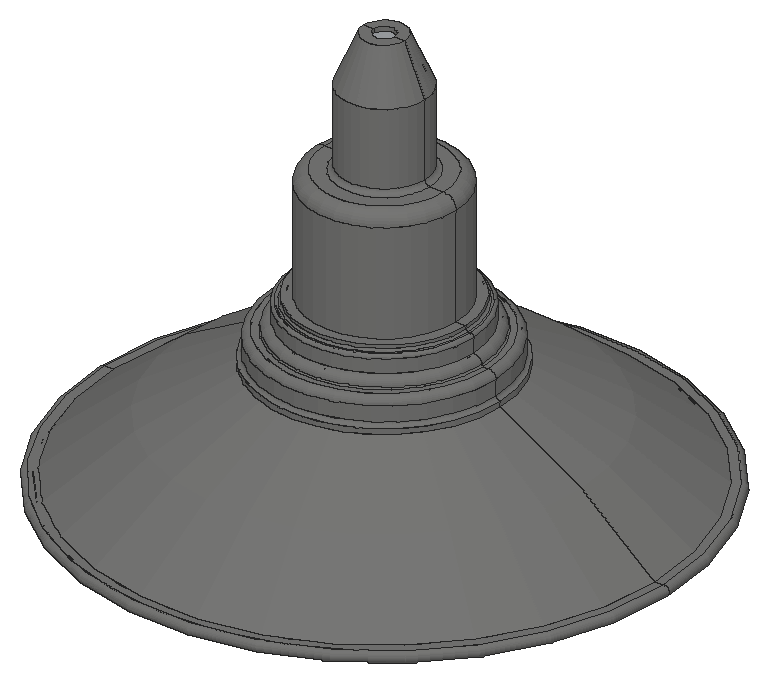
Revit family "HR14 SHADE", category Lighting Fixtures, Revit 2024
Family settings
  Round Connector Dimension = Use Diameter
  Part Type = Normal
  OmniClass Number = 23.80.70.00
  OmniClass Title = Lighting
  Work Plane-Based = No
  Always vertical = Yes
  Cut with Voids When Loaded = No
  Light Source = Yes
  Maintain Annotation Orientation = No
  Shared = No
  Room Calculation Point = No
Parameters
  Wattage = 12.1178 W
  built-in parameter 1150110 = 1 (stored number, unit not read)
  built-in parameter 1114217 = 1 (stored number, unit not read)
  built-in parameter 1150109 = 1 (stored number, unit not read)
  built-in parameter 1150134 = (empty or 0)
  built-in parameter 1150113 = 1 (stored number, unit not read)
  Lumens = 1800 lm
  built-in parameter 1150115 = 1 (stored number, unit not read)
  built-in parameter 1150105 = 572.96 (stored number, unit not read)
  Light Source Symbol Size = 2' - 0"
  built-in parameter 1150137 = (empty or 0)
  built-in parameter 1150139 = (empty or 0)
  built-in parameter 1150112 = 1 (stored number, unit not read)
  built-in parameter 1150114 = 1 (stored number, unit not read)
  built-in parameter 1150132 = 2
  built-in parameter 1150102 = (empty or 0)
  built-in parameter 1150138 = (empty or 0)
  built-in parameter 1150107 = 3000 (stored number, unit not read)
  built-in parameter 1150106 = 5.7296 (stored number, unit not read)
  built-in parameter 1150104 = 13.8 (stored number, unit not read)
  Dimming Lamp Color Temperature Shift = (empty or 0)
  Default Elevation = 0' - 0"
  Color Filter = 16777215
  built-in parameter 1114218 = 1 (stored number, unit not read)
  built-in parameter 1150133 = 10 (stored number, unit not read)
Reference planes (in)
  plane 1 "Light Source Axis (F/B)": y = 0
  plane 2: z = 12
  plane 3 "Light Source Axis (L/R)": x = 0
  plane 4 "Light Source Elevation": z = 84
Forms (in)
  Revolve 1, solid
    sketch origin (0, 0, 0) x (1, 0, 0) y (0, 0, 1)
      loop
        line (-6.75394, 84.15628) -> (-6.62649, 84.15628)
        arc (-6.62649, 84.15628) -> (-4.79442, 85.5833) -> (-2.75189, 86.68825) r 14.01658
        line (-2.75189, 86.68825) -> (-2.75189, 86.8054)
        arc (-2.75189, 86.8054) -> (-2.68157, 86.87497) -> (-2.65579, 86.97048) r 0.18985
        line (-2.65579, 86.97048) -> (-2.65579, 87.32309)
        arc (-2.65579, 87.32309) -> (-2.63158, 87.38154) -> (-2.57313, 87.40576) r 0.08267
        line (-2.57313, 87.40576) -> (-2.41676, 87.40576)
        arc (-2.41676, 87.40576) -> (-2.3328, 87.44053) -> (-2.29802, 87.52449) r 0.11874
        arc (-2.29802, 87.52449) -> (-2.21757, 87.62771) -> (-2.09783, 87.57489) r 0.10644
        line (-2.09783, 87.57489) -> (-2.09783, 88.03097) -> (-2.05187, 88.03097)
        arc (-2.05187, 88.03097) -> (-1.95801, 88.06679) -> (-1.91189, 88.15605) r 0.14086
        line (-1.91189, 88.15605) -> (-1.67417, 88.15605) -> (-1.67417, 90.69598)
        arc (-1.67417, 90.69598) -> (-1.61259, 90.84464) -> (-1.46393, 90.90622) r 0.21025
        line (-1.46393, 90.90622) -> (-1.11456, 90.90622)
        arc (-1.11456, 90.90622) -> (-0.96346, 90.96881) -> (-0.90087, 91.11992) r 0.21369
        line (-0.90087, 91.11992) -> (-0.90087, 92.8503) -> (-0.4387, 93.90625) -> (-0.25, 93.90625) -> (-0.25, 94) -> (-0.5, 94) -> (-0.99462, 92.86992) -> (-0.99462, 91.11992)
        arc (-0.99462, 91.11992) -> (-1.02975, 91.0351) -> (-1.11456, 90.99997) r 0.11994
        line (-1.11456, 90.99997) -> (-1.46393, 90.99997)
        arc (-1.46393, 90.99997) -> (-1.67888, 90.91094) -> (-1.76792, 90.69598) r 0.304
        line (-1.76792, 90.69598) -> (-1.76792, 88.2498) -> (-2.00475, 88.2498) -> (-2.00475, 88.17183)
        arc (-2.00475, 88.17183) -> (-2.01855, 88.13852) -> (-2.05187, 88.12472) r 0.04711
        line (-2.05187, 88.12472) -> (-2.1194, 88.12472)
        arc (-2.1194, 88.12472) -> (-2.17102, 88.09669) -> (-2.19158, 88.04168) r 0.08385
        line (-2.19158, 88.04168) -> (-2.19158, 87.72468)
        arc (-2.19158, 87.72468) -> (-2.33314, 87.66605) -> (-2.39177, 87.52449) r 0.20019
        arc (-2.39177, 87.52449) -> (-2.39909, 87.50682) -> (-2.41676, 87.49951) r 0.02499
        line (-2.41676, 87.49951) -> (-2.57313, 87.49951)
        arc (-2.57313, 87.49951) -> (-2.69787, 87.44783) -> (-2.74954, 87.32309) r 0.17642
        line (-2.74954, 87.32309) -> (-2.74954, 86.97048)
        arc (-2.74954, 86.97048) -> (-2.77769, 86.90253) -> (-2.84564, 86.87438) r 0.0961
        line (-2.84564, 86.87438) -> (-2.84564, 86.74938)
        arc (-2.84564, 86.74938) -> (-4.85603, 85.65503) -> (-6.66303, 84.25003) r 14.11033
        line (-6.66303, 84.25003) -> (-6.87498, 84.25003)
        arc (-6.87498, 84.25003) -> (-6.95153, 84.02618) -> (-6.75394, 84.15628) r 0.12502
      axis (0, 94) -> (0, 84.15628)
    angle from 0 to 360
Dimensions and locks (in)
  aligned and locked: plane 3 "Light Source Axis (L/R)" to imposter light
  aligned and locked: plane 1 "Light Source Axis (F/B)" to imposter light
  aligned and locked: plane 4 "Light Source Elevation" to imposter light
  aligned and locked: level to plane 2
